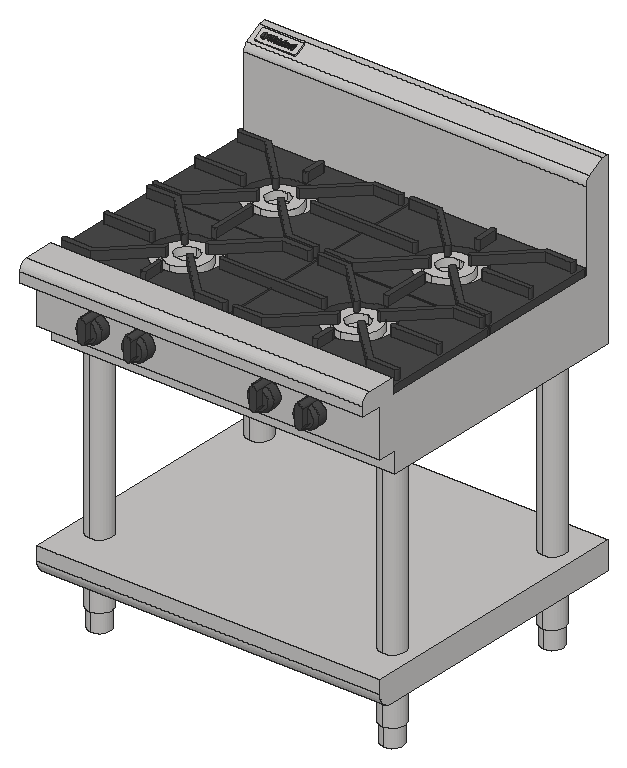
Revit family "QF_MOFFAT WALDORF_RN8900G-LS", category Specialty Equipment, Revit 2012 (continued)
Automatic sketch dimensions
  Split face 5 sketch curve to Extrusion 1 = 354.563 mm
  Split face 5 sketch curve to Split face 5 sketch curve = 20.0 mm
  Extrusion 1 to Split face 6 sketch curve = 5.177 mm
  Split face 6 sketch curve to Extrusion 1 = 9.153 mm
  Split face 6 sketch curve to Extrusion 1 = 404.563 mm
  Split face 6 sketch curve to Split face 6 sketch curve = 20.0 mm
  Extrusion 1 to Split face 7 sketch curve = 5.177 mm
  Split face 7 sketch curve to Extrusion 1 = 9.153 mm
  Split face 7 sketch curve to Extrusion 1 = 445.437 mm
  Split face 7 sketch curve to Split face 7 sketch curve = 20.0 mm
  Extrusion 1 to Split face 8 sketch curve = 5.177 mm
  Split face 8 sketch curve to Extrusion 1 = 9.153 mm
  Split face 8 sketch curve to Extrusion 1 = 395.437 mm
  Split face 8 sketch curve to Split face 8 sketch curve = 20.0 mm
  Extrusion 1 to Split face 9 sketch curve = 5.177 mm
  Split face 9 sketch curve to Extrusion 1 = 9.153 mm
  Split face 9 sketch curve to Extrusion 1 = 345.437 mm
  Split face 9 sketch curve to Split face 9 sketch curve = 20.0 mm
  Extrusion 1 to Split face 10 sketch curve = 5.177 mm
  Split face 10 sketch curve to Extrusion 1 = 9.153 mm
  Split face 10 sketch curve to Extrusion 1 = 295.437 mm
  Split face 10 sketch curve to Split face 10 sketch curve = 20.0 mm
  Extrusion 1 to Split face 11 sketch curve = 5.177 mm
  Split face 11 sketch curve to Extrusion 1 = 9.153 mm
  Split face 11 sketch curve to Extrusion 1 = 245.437 mm
  Split face 11 sketch curve to Split face 11 sketch curve = 20.0 mm
  Extrusion 1 to Split face 12 sketch curve = 5.177 mm
  Split face 12 sketch curve to Extrusion 1 = 9.153 mm
  Split face 12 sketch curve to Extrusion 1 = 195.437 mm
  Split face 12 sketch curve to Split face 12 sketch curve = 20.0 mm
  Extrusion 1 sketch curve to plane 5 "FRONT" = 0.0 mm
  plane 10 to Extrusion 1 sketch curve = 0.0 mm
  Extrusion 1 sketch curve to plane 9 "Base Height" = 0.0 mm
  Extrusion 1 sketch curve to plane 6 "TOP" = 0.0 mm
  Extrusion 1 sketch curve to plane 1 "BACK" = 0.0 mm  (x2)
  Extrusion 1 sketch curve to plane 5 "FRONT" = 24.0 mm
  Extrusion 1 sketch curve to plane 5 "FRONT" = 56.0 mm  (x2)
  Extrusion 1 sketch curve to Extrusion 1 sketch curve = 38.0 mm
  Extrusion 1 sketch curve to Extrusion 1 sketch curve = 44.0 mm
  plane 1 "BACK" to Extrusion 1 sketch curve = 70.0 mm
  Extrusion 1 sketch curve to plane 6 "TOP" = 24.369 mm
  Extrusion 1 sketch curve to Extrusion 1 sketch curve = 11.291 mm
  Extrusion 1 sketch curve to Extrusion 1 sketch curve = 22.582 mm
  Extrusion 1 sketch curve to Extrusion 1 sketch curve = 16.5 mm
  plane 9 "Base Height" to Extrusion 1 sketch curve = 72.5 mm
  Extrusion 1 sketch curve to Extrusion 1 sketch curve = 25.0 mm
  plane 10 to Extrusion 1 sketch curve = 40.0 mm
  Revolve 12 sketch curve to plane 9 "Base Height" = 0.0 mm
  Revolve 12 sketch curve to level = 0.0 mm
  level to Revolve 12 sketch curve = 50.0 mm
  plane 1 "BACK" to Revolve 12 sketch curve = 131.75 mm
  Revolve 12 sketch curve to Revolve 12 sketch curve = 4.25 mm
  Revolve 12 sketch curve to Revolve 12 sketch curve = 27.5 mm  (x2)
  Revolve 12 sketch curve to Revolve 12 sketch curve = 55.0 mm
  Revolve 12 sketch curve to Revolve 12 sketch curve = 0.0 mm
  Revolve 13 sketch curve to plane 9 "Base Height" = 0.0 mm
  Revolve 13 sketch curve to level = 0.0 mm
  level to Revolve 13 sketch curve = 50.0 mm
  Revolve 13 sketch curve to plane 5 "FRONT" = 148.25 mm
  Revolve 13 sketch curve to Revolve 13 sketch curve = 4.25 mm
  Revolve 13 sketch curve to Revolve 13 sketch curve = 27.5 mm  (x2)
  Revolve 13 sketch curve to Revolve 13 sketch curve = 55.0 mm
  Revolve 13 sketch curve to Revolve 13 sketch curve = 0.0 mm
  Revolve 14 sketch curve to plane 9 "Base Height" = 0.0 mm
  Revolve 14 sketch curve to level = 0.0 mm
  level to Revolve 14 sketch curve = 50.0 mm
  plane 1 "BACK" to Revolve 14 sketch curve = 131.75 mm
  Revolve 14 sketch curve to Revolve 14 sketch curve = 4.25 mm
  Revolve 14 sketch curve to Revolve 14 sketch curve = 27.5 mm  (x2)
  Revolve 14 sketch curve to Revolve 14 sketch curve = 0.0 mm
  Revolve 14 sketch curve to Revolve 14 sketch curve = 55.0 mm
  Revolve 15 sketch curve to plane 9 "Base Height" = 0.0 mm
  Revolve 15 sketch curve to level = 0.0 mm
  level to Revolve 15 sketch curve = 50.0 mm
  Revolve 15 sketch curve to plane 5 "FRONT" = 148.25 mm
  Revolve 15 sketch curve to Revolve 15 sketch curve = 4.25 mm
  Revolve 15 sketch curve to Revolve 15 sketch curve = 27.5 mm  (x2)
  Revolve 15 sketch curve to Revolve 15 sketch curve = 0.0 mm
  Revolve 15 sketch curve to Revolve 15 sketch curve = 55.0 mm
  Extrusion 16 sketch curve to Extrusion 16 sketch curve = 0.0 mm  (x8)
  Extrusion 1 to Extrusion 16 sketch curve = 68.25 mm  (x2)
  Extrusion 16 sketch curve to Extrusion 16 sketch curve = 31.75 mm  (x4)
  Extrusion 1 to Extrusion 16 sketch curve = 155.75 mm  (x2)
  Extrusion 1 to Extrusion 16 sketch curve = 65.0 mm  (x4)
  Extrusion 1 sketch curve to Extrusion 1 sketch curve = 50.0 mm
  Extrusion 1 sketch curve to Extrusion 1 sketch curve = 55.0 mm
  Extrusion 1 sketch curve to Extrusion 1 sketch curve = 181.0 mm
  curve 70 to curve 114 = 0.863 mm
  curve 84 to curve 119 = 0.863 mm
  curve 96 to curve 116 = 1.877 mm
  curve 104 to curve 118 = 1.877 mm
  curve 108 to curve 118 = 6.202 mm
  curve 81 to curve 120 = 7.104 mm
  curve 117 to curve 90 = 1.613 mm
  curve 119 to curve 84 = 0.712 mm
  curve 104 to curve 115 = 7.202 mm
  curve 70 to curve 114 = 8.104 mm
  curve 116 to curve 88 = 0.613 mm
  curve 86 to curve 113 = 0.288 mm
  Extrusion 17 sketch curve to Extrusion 17 sketch curve = 0.0 mm  (x49)
  Extrusion 1 to Extrusion 17 sketch curve = 110.5 mm  (x2)
  Extrusion 17 sketch curve to Extrusion 17 sketch curve = 27.0 mm  (x4)
  Extrusion 17 sketch curve to Extrusion 17 sketch curve = 30.0 mm  (x4)
  Extrusion 17 sketch curve to Extrusion 17 sketch curve = 185.0 mm  (x2)
  Extrusion 1 to Extrusion 17 sketch curve = 224.0 mm  (x2)
  Extrusion 1 to Extrusion 17 sketch curve = 226.0 mm
  curve 86 to curve 121 = 0.0 mm  (x2)
  curve 86 to curve 122 = 27.0 mm
  curve 88 to curve 123 = 0.0 mm  (x2)
  curve 89 to curve 123 = 27.0 mm
  curve 90 to curve 125 = 0.0 mm  (x2)
  curve 90 to curve 125 = 27.0 mm
  curve 84 to curve 127 = 0.0 mm  (x2)
  curve 84 to curve 127 = 27.0 mm
  plane 3 "LEFT" to Extrusion 7 sketch curve = 13.21 mm  (x3)
  plane 1 "BACK" to Extrusion 7 sketch curve = 91.428 mm  (x4)
  plane 1 "BACK" to Extrusion 7 sketch curve = 96.398 mm  (x2)
  plane 4 "RIGHT" to Extrusion 7 sketch curve = 13.21 mm  (x4)
  Extrusion 7 sketch curve to Extrusion 7 sketch curve = 125.272 mm  (x2)
  plane 3 "LEFT" to Extrusion 7 sketch curve = 13.273 mm  (x2)
  plane 4 "RIGHT" to Extrusion 7 sketch curve = 87.354 mm  (x2)
  Extrusion 7 sketch curve to Extrusion 7 sketch curve = 74.143 mm
  plane 4 "RIGHT" to Extrusion 7 sketch curve = 13.273 mm  (x2)
  Extrusion 1 to Extrusion 18 sketch curve = 1.0 mm  (x5)
  Extrusion 18 sketch curve to Extrusion 18 sketch curve = 3.0 mm  (x9)
  Extrusion 1 to Extrusion 18 sketch curve = 4.0 mm  (x2)
  Extrusion 18 sketch curve to Extrusion 18 sketch curve = 0.0 mm  (x6)
  Extrusion 1 to Extrusion 18 sketch curve = 167.079 mm
  Extrusion 1 to Extrusion 18 sketch curve = 167.98 mm
  Extrusion 18 sketch curve to Extrusion 18 sketch curve = 144.395 mm  (x2)
  Extrusion 18 sketch curve to Extrusion 18 sketch curve = 145.296 mm
  Extrusion 18 sketch curve to Extrusion 1 = 167.921 mm
  Extrusion 18 sketch curve to Extrusion 1 = 167.02 mm
  Extrusion 18 sketch curve to Extrusion 1 = 4.0 mm  (x3)
  Extrusion 18 sketch curve to Extrusion 1 = 1.0 mm  (x2)
  Extrusion 1 to Extrusion 18 sketch curve = 224.937 mm  (x2)
  Extrusion 18 sketch curve to Extrusion 18 sketch curve = 220.251 mm  (x2)
  Extrusion 18 sketch curve to Extrusion 18 sketch curve = 3.625 mm  (x2)
  Extrusion 1 to Extrusion 18 sketch curve = 224.05 mm  (x2)
  radius of Extrusion 4 sketch curve = 13.5 mm
  radius of Extrusion 18 sketch curve = 84.082 mm  (x4)
Nested families
  nested 1: "RN8900G-LS-CASTERS" at (65, -100, 0), Show Casters <- "Show Casters", visible <- "Show Casters", type "RN8900G-LS-CASTERS"
    with Type Mark "", Status "", Specification by User "", Show Casters no, Revision Code "", Item Number "", Installed By "", Identify Quantity as Lot yes, Furnished By "", Foodservice Equipment Identifier yes
  nested 2: "RN8900G-LS-CASTERS" at (835, -100, 0), Show Casters <- "Show Casters", visible <- "Show Casters", type "RN8900G-LS-CASTERS"
    with Type Mark "", Status "", Specification by User "", Show Casters no, Revision Code "", Item Number "", Installed By "", Identify Quantity as Lot yes, Furnished By "", Foodservice Equipment Identifier yes
  nested 3: "WALDORF LOGO_FACE BASE" at (12.832, -22.113, 1126.759) x (1, 0, 0) z (0, -0.5, 0.866), visible <- "Show Logo", type "WALDORF LOGO_FACE BASE", detail levels medium+fine
    with Show Logo yes
Connectors
  piping at (770, -32, 655)
    settings: on Extrusion 4, index 3, connector radius 0.37402", flow factor 0, pipe flow 0 GPM, pressure drop 0.00 psi, fitting loss kfactor 0, connector angle 0.00°, fixture units 0, engagement length 0.0 mm, flow configuration 1, flow direction 1, fitting loss method 0, system type 7, joint type 0, gender type 0, connector reference index -1, connector utility 0, adjustable connector no, is connector primary yes, fitting loss table "", connector description "GAS CONNECTION"
Definition of nested family "WALDORF LOGO_FACE BASE"
  Parameters (values of type "WALDORF LOGO_FACE BASE")
    Show Logo [instance] = yes
    Default Elevation = 1219.2 mm
  Reference planes
    plane 1 "Center (Front/Back)": y = 0
    plane 2: z = 0
    plane 3 "Center (Left/Right)": x = 0
  Forms (mm)
    Extrusion 1, solid
      sketch origin (0, 0, 0) x (1, 0, 0) y (0, 1, 0)
        loop
          line (-1219.2, 1219.2) -> (-1219.2, -1219.2) -> (1219.2, -1219.2) -> (1219.2, 1219.2) -> (-1219.2, 1219.2)
      from 0 to -304.8
    Extrusion 2, solid, material "QF_Finishes_Stainless Steel", visible <- "Show Logo"
      sketch origin (0, -33.217, 0) x (1, 0, 0) y (0, 1, 0)
        loop
          arc (5, 34.14) -> (1.464, 32.676) -> (0, 29.14) r 5
          line (0, 29.14) -> (0, 5)
          arc (0, 5) -> (1.464, 1.464) -> (5, 0) r 5
          line (5, 0) -> (104, 0)
          arc (104, 0) -> (107.536, 1.464) -> (109, 5) r 5
          line (109, 5) -> (109, 29.14)
          arc (109, 29.14) -> (107.536, 32.676) -> (104, 34.14) r 5
          line (104, 34.14) -> (5, 34.14)
      from 0 to 1.588
    Extrusion 3, solid, material "QF_Finishes_Black", visible <- "Show Logo"
      sketch origin (0, -33.217, 1.588) x (1, 0, 0) y (0, 1, 0)
        loop
          line (24.772, 23.214) -> (27.992, 10.301) -> (31.551, 10.301) -> (33.443, 17.364) -> (35.205, 10.301) -> (39.332, 10.301) -> (42.077, 23.214) -> (38.352, 23.214) -> (36.676, 15.33) -> (35, 23.214) -> (31.752, 23.214) -> (30.076, 15.33) -> (28.4, 23.214) -> (24.772, 23.214)
        loop
          line (42.272, 17.055) -> (45.703, 17.055)
          spline (45.703, 17.055) -> (45.741, 17.285) -> (45.852, 17.499) -> (46.028, 17.682) -> (46.258, 17.823) -> (46.526, 17.912) -> (46.813, 17.942) -> (47.1, 17.912) -> (47.368, 17.823) -> (47.597, 17.682) -> (47.774, 17.499) -> (47.884, 17.285) -> (47.922, 17.055)
          line (47.922, 17.055) -> (47.922, 16.222)
          arc (47.922, 16.222) -> (45.742, 16.014) -> (43.665, 15.317) r 9.604
          arc (43.665, 15.317) -> (41.924, 12.809) -> (43.665, 10.301) r 2.677
          arc (43.665, 10.301) -> (45.527, 10.353) -> (47.332, 10.816) r 8.365
          line (47.332, 10.816) -> (48.092, 11.105) -> (48.092, 10.301) -> (51.817, 10.301) -> (51.817, 17.055)
          spline (51.817, 17.055) -> (51.654, 17.821) -> (51.178, 18.535) -> (50.419, 19.148) -> (49.431, 19.619) -> (48.28, 19.914) -> (47.044, 20.015) -> (45.809, 19.914) -> (44.658, 19.619) -> (43.67, 19.148) -> (42.911, 18.535) -> (42.434, 17.821) -> (42.272, 17.055)
        loop
          line (53.151, 23.214) -> (53.151, 10.301) -> (57.37, 10.301) -> (57.37, 23.214) -> (53.151, 23.214)
        loop
          line (64.874, 23.214) -> (64.874, 18.857)
          arc (64.874, 18.857) -> (58.083, 15.11) -> (64.874, 11.363) r 4.429
          line (64.874, 11.363) -> (64.874, 10.301) -> (68.378, 10.301) -> (68.378, 23.214) -> (64.874, 23.214)
        loop
          arc (64.874, 16.083) -> (61.41, 14.987) -> (64.874, 13.891) r 1.905
          line (64.874, 13.891) -> (64.874, 16.083)
        loop
          circle (74.623, 15.223) r 5
        loop
          spline (74.623, 17.856) -> (74.355, 17.766) -> (74.105, 17.503) -> (73.891, 17.084) -> (73.726, 16.539) -> (73.623, 15.904) -> (73.588, 15.223) -> (73.623, 14.541) -> (73.726, 13.906) -> (73.891, 13.361) -> (74.105, 12.942) -> (74.355, 12.679) -> (74.623, 12.59)
          spline (74.623, 12.59) -> (74.891, 12.679) -> (75.141, 12.942) -> (75.355, 13.361) -> (75.52, 13.906) -> (75.623, 14.541) -> (75.659, 15.223) -> (75.623, 15.904) -> (75.52, 16.539) -> (75.355, 17.084) -> (75.141, 17.503) -> (74.891, 17.766) -> (74.623, 17.856)
        loop
          line (81.255, 19.813) -> (81.255, 10.301) -> (84.834, 10.301) -> (84.834, 14.176)
          arc (84.834, 14.176) -> (85.854, 16.093) -> (88.013, 16.32) r 2.313
          line (88.013, 16.32) -> (88.013, 19.813) -> (87.161, 19.813)
          arc (87.161, 19.813) -> (85.526, 19.266) -> (84.549, 17.844) r 2.717
          line (84.549, 17.844) -> (84.549, 19.813) -> (81.255, 19.813)
        loop
          line (90.249, 19.813) -> (88.91, 19.813) -> (88.91, 17.614) -> (90.249, 17.614) -> (90.249, 10.301) -> (93.998, 10.301) -> (93.998, 17.614) -> (95.418, 17.614) -> (95.418, 19.813) -> (93.998, 19.813)
          arc (93.998, 19.813) -> (94.414, 20.817) -> (95.418, 21.233) r 1.42
          line (95.418, 21.233) -> (95.418, 23.602) -> (93.317, 23.602)
          arc (93.317, 23.602) -> (91.343, 22.903) -> (90.249, 21.118) r 3.137
          line (90.249, 21.118) -> (90.249, 19.813)
        loop
          arc (15.241, 23.571) -> (8.392, 16.525) -> (15.241, 9.479) r 7.049
          line (15.241, 9.479) -> (15.241, 23.571)
        loop
          line (15.641, 23.571) -> (15.641, 9.479)
          arc (15.641, 9.479) -> (22.49, 16.525) -> (15.641, 23.571) r 7.049
        loop
          arc (47.922, 14.711) -> (46.266, 13.749) -> (47.922, 12.787) r 1.107
          line (47.922, 12.787) -> (47.922, 14.711)
      from 0 to 0.2
  Dimensions and locks
    aligned and locked: plane 2 to Extrusion 1
    aligned and locked: level to Extrusion 1
Definition of nested family "RN8900G-LS-CASTERS"
  Parameters (values of type "BTL8450-CB-CASTERS")
    Weight = ""
    URL Manufacturer = ""
    URL Cutsheet = ""
    URL = ""
    Type Mark [instance] = ""
    Status [instance] = ""
    Specification by User [instance] = ""
    Specification by Manufacturer = ""
    Show Casters [instance] = no
    Serial Number = ""
    Seismic Rating = ""
    SMACNA No = ""
    Revision Code [instance] = ""
    Omniclass Number and Title = ""
    NAFEM Spec ID Number = ""
    Model = ""
    MasterSpec. = ""
    Manufacturer = ""
    Item Number [instance] = ""
    Installed By [instance] = ""
    Identify Quantity as Lot [instance] = yes
    Furnished By [instance] = ""
    Foodservice Equipment Identifier [instance] = yes
    Description = ""
    CSI MasterFormat = ""
    CSI Master Format = ""
    Assembly Code = ""
  Reference planes
    plane 1: z = 0
    plane 2 "RIGHT": x = 0
    plane 3 "FRONT": y = 0
    plane 4 "TOP": z = 177.8
  Forms (mm)
    Revolve 1, solid, material "QF_Finishes_Stainless Steel", visible <- "Show Casters"
      sketch origin (0, 56.335, 0) x (0, 1, 0) y (0, 0, 1)
        loop
          line (-56.335, 152.4) -> (-56.335, 141.118) -> (-23.798, 141.118) -> (-23.798, 152.4) -> (-56.335, 152.4)
        axis (-56.335, 141.118) -> (-56.335, 152.4)
      angle from 0 to 360
    Extrusion 2, solid, material "QF_Finishes_Stainless Steel", visible <- "Show Casters"
      sketch origin (-46.049, 56.335, 0) x (0, 1, 0) y (0, 0, 1)
        loop
          line (-85.799, 141.118) -> (-85.799, 133.498) -> (-82.136, 133.498)
          arc (-82.136, 133.498) -> (-79.344, 132.328) -> (-77.146, 130.248) r 8.432
          line (-77.146, 130.248) -> (-39.502, 49.52)
          arc (-39.502, 49.52) -> (-13.784, 46.107) -> (-5.673, 70.75) r 20.32
          arc (-5.673, 70.75) -> (-7.065, 73.611) -> (-8.887, 76.22) r 20.32
          arc (-8.887, 76.22) -> (-9.399, 85.377) -> (-6.626, 94.119) r 25.4
          line (-6.626, 94.119) -> (8.003, 121.632)
          arc (8.003, 121.632) -> (-2.347, 126.31) -> (-13.34, 129.167) r 66.802
          line (-13.34, 129.167) -> (-13.765, 133.498) -> (-26.871, 133.498) -> (-26.871, 141.118) -> (-85.799, 141.118)
      from 20.058 to 22.923
    Extrusion 3, solid, material "QF_Finishes_Stainless Steel", visible <- "Show Casters"
      sketch origin (3.326, 56.335, 0) x (0, 1, 0) y (0, 0, 1)
        loop
          line (-85.799, 141.118) -> (-85.799, 133.498) -> (-82.136, 133.498)
          arc (-82.136, 133.498) -> (-79.344, 132.328) -> (-77.146, 130.248) r 8.432
          line (-77.146, 130.248) -> (-39.502, 49.52)
          arc (-39.502, 49.52) -> (-13.784, 46.107) -> (-5.673, 70.75) r 20.32
          arc (-5.673, 70.75) -> (-7.065, 73.611) -> (-8.887, 76.22) r 20.32
          arc (-8.887, 76.22) -> (-9.399, 85.377) -> (-6.626, 94.119) r 25.4
          line (-6.626, 94.119) -> (8.003, 121.632)
          arc (8.003, 121.632) -> (-2.347, 126.31) -> (-13.34, 129.167) r 66.802
          line (-13.34, 129.167) -> (-13.765, 133.498) -> (-26.871, 133.498) -> (-26.871, 141.118) -> (-85.799, 141.118)
      from 20.058 to 22.923
    Extrusion 4, solid, material "QF_Finishes_Stainless Steel", visible <- "Show Casters"
      sketch origin (-49.224, 56.335, 0) x (0, 1, 0) y (0, 0, 1)
        loop
          line (-85.799, 141.118) -> (-85.799, 133.498) -> (-82.136, 133.498) -> (-18.877, 127.964) -> (7.14, 120.01) -> (8.003, 121.632)
          arc (8.003, 121.632) -> (-2.347, 126.31) -> (-13.34, 129.167) r 66.802
          line (-13.34, 129.167) -> (-13.765, 133.498) -> (-26.871, 133.498) -> (-26.871, 141.118) -> (-85.799, 141.118)
      from 26.098 to 72.56
    Revolve 5, solid, material "QF_Finishes_Stainless Steel", visible <- "Show Casters"
      sketch origin (-49.224, 30.821, 0) x (1, 0, 0) y (0, 0, 1)
        loop
          line (14.841, 63.604) -> (83.584, 63.604) -> (83.584, 67.109) -> (82.314, 68.379) -> (80.79, 68.379) -> (80.79, 71.826) -> (68.644, 71.826) -> (68.644, 81.79) -> (65.088, 83.843) -> (61.683, 104.879) -> (65.881, 104.879) -> (65.881, 111.229) -> (65.088, 111.229) -> (65.088, 117.579)
          arc (65.088, 117.579) -> (62.298, 124.314) -> (55.563, 127.104) r 9.525
          line (55.563, 127.104) -> (42.863, 127.104)
          arc (42.863, 127.104) -> (36.127, 124.314) -> (33.338, 117.579) r 9.525
          line (33.338, 117.579) -> (33.338, 111.229) -> (32.544, 111.229) -> (32.544, 104.879) -> (36.742, 104.879) -> (33.352, 83.932) -> (29.782, 81.871) -> (29.782, 71.826) -> (17.635, 71.826) -> (17.635, 68.379) -> (16.111, 68.379) -> (14.841, 67.109) -> (14.841, 63.604)
        axis (14.841, 63.604) -> (83.584, 63.604)
      angle from 0 to 360
  Cuts and joins
    joined: Extrusion 2, Extrusion 3, Extrusion 4
  Lines and regions (mm)
    symbolic lines, style "SpecialityEquipmentHiddenLines", visible <- "Show Casters"
      curve 1: line (18.009, 67.053, 0) -> (45.595, 51.127, 0)
      curve 2: line (-45.491, -42.932, 0) -> (18.009, 67.053, 0)
      curve 3: line (-17.905, -58.859, 0) -> (-45.491, -42.932, 0)
      curve 4: line (45.595, 51.127, 0) -> (-17.905, -58.859, 0)
  Dimensions and locks
    plane 4 "TOP" to level = 177.8 mm  (x2)
    Revolve 5 sketch curve to Revolve 5 sketch curve = 63.5 mm
    aligned and locked: level to plane 1
